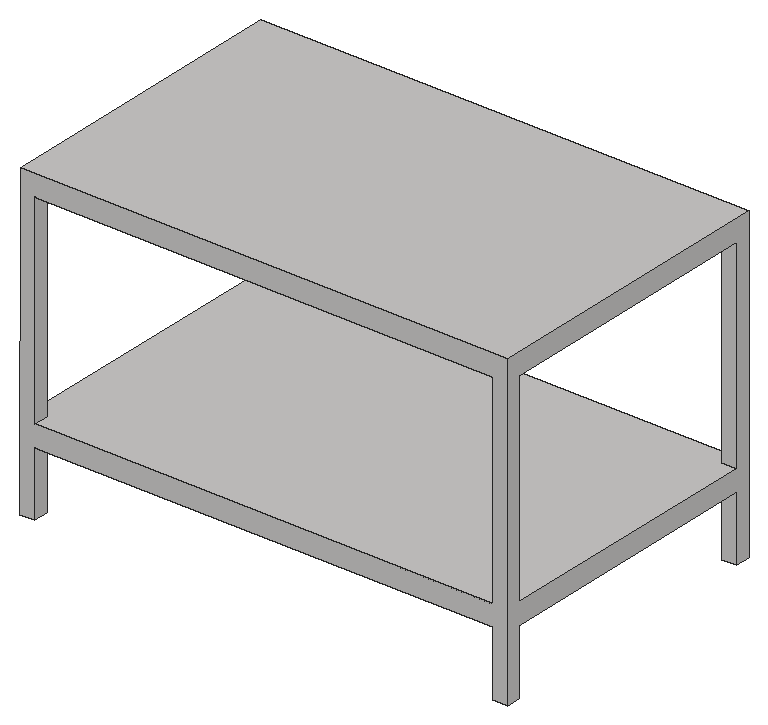
Revit family "QF_CAPIC_AVEN_W543012", category Equipement spécialisé, Revit 2018
Family settings
  Cote de connecteur circulaire = Utiliser le diamètre
  Type d'élément = Normal
  Numéro OmniClass = 23.40.40.14
  Titre OmniClass = Food Service Equipment
  Basée sur le plan de construction = Non
  Toujours verticalement = Oui
  Couper avec des vides une fois chargée = Non
  Partagée = Non
  Point de calcul de pièce = Non
Parameters (values of type "1000 mm")
  URL catalogue = "http://www.capic-fr.com/fr/"
  Type de Raccord Plomberie [instance] = ""
  Type de Raccord Electrique [instance] = ""
  Type de Gaz = ""
  Type article [instance] = ""
  Tension = 0 V
  Spécification du Fabricant = ""
  Show Logo = yes
  Remarques evacuation [instance] = ""
  Remarques Plomberie [instance] = ""
  Remarques Electricité [instance] = ""
  Puissance électrique  = 0 W
  Puissance Gaz kW = 0
  Profondeur hors tout = 600 mm
  Pression Maximum Eau Adoucie = 0.0 Pa
  Poids net à vide = 31.00 kg
  Phase = 0
  Modèle = "W543012"
  Longueur hors tout = 1000 mm
  Intensité nominale = 0 A
  Hauteur hors tout = 638 mm
  Hauteur de Raccordement du Sol Finis = 0 mm
  Hauteur de Raccordement Gaz du Sol Finis = 0 mm
  Hauteur de Raccordement Evacuation Directe du Sol Finis = 0 mm
  Hauteur de Raccordement Eau Froide du Sol Finis = 0 mm
  Hauteur de Raccordement Eau Chaude du Sol Finis = 0 mm
  Hauteur de Raccordement Eau Adoucie du Sol Finis = 0 mm
  Fréquence = 0 Hz
  Fabricant = "CAPIC"
  Débit d'air d'extraction = 0.0 m³/h
  Débit Gaz = 0.0 L/s
  Débit Eau Froide = 0.0 L/s
  Débit Eau Chaude = 0.0 L/s
  Débit Eau Adoucie = 0.0 L/s
  Diamètre de Raccordement Gaz = 0 mm
  Diamètre de Raccordement Evacuation = 0 mm
  Diamètre de Raccordement Eau Froide = 0 mm
  Diamètre de Raccordement Eau Chaude = 0 mm
  Diamètre de Raccordement Eau Adoucie = 0 mm
  Description = "Pietement simple"
  Assembly Code = ""
  Classification  Omniclass nombre et titre = "23.40.40.14"
Reference planes
  plane 1 "Centre (avant/arrière)": y = 0
  plane 2: z = 0
  plane 3 "Centre (gauche/droite)": x = 0
  plane 4: y = -45
  plane 5: y = -663
  plane 6: x = 1000
  plane 7: y = -75
  plane 8: y = -633
  plane 9: x = 30
  plane 10: x = 970
  plane 11: z = 638
  plane 12: z = 134
  plane 13: z = 594
Forms (mm)
  Extrusion 1, solid, material "QF_Stainless Steel-Brushed"
    sketch origin (0, 0, 0) x (1, 0, 0) y (0, 1, 0)
      loop
        line (0, -45) -> (0, -75) -> (30, -75) -> (30, -45) -> (0, -45)
      loop
        line (970, -45) -> (970, -75) -> (1000, -75) -> (1000, -45) -> (970, -45)
      loop
        line (970, -633) -> (970, -663) -> (1000, -663) -> (1000, -633) -> (970, -633)
      loop
        line (0, -633) -> (0, -663) -> (30, -663) -> (30, -633) -> (0, -633)
    from 0 to 638
  Extrusion 2, solid, material "QF_Stainless Steel-Brushed"
    sketch origin (0, 0, 0) x (1, 0, 0) y (0, 1, 0)
      loop
        line (0, -45) -> (0, -663) -> (1000, -663) -> (1000, -45) -> (0, -45)
    from 134 to 177
  Extrusion 3, solid, material "QF_Stainless Steel-Brushed"
    sketch origin (0, 0, 0) x (1, 0, 0) y (0, 1, 0)
      loop
        line (0, -45) -> (0, -663) -> (1000, -663) -> (1000, -45) -> (0, -45)
    from 594 to 638
Cuts and joins
  joined: Extrusion 1, Extrusion 2, Extrusion 3
Dimensions and locks
  locked: plane 4 to plane 1 "Centre (avant/arrière)" at 45
  locked: plane 4 to plane 5 at 618
  locked: plane 4 to plane 7 at 30
  locked: plane 8 to plane 5 at 30
  "Longueur hors tout": plane 3 "Centre (gauche/droite)" to plane 6
  locked: plane 3 "Centre (gauche/droite)" to plane 9 at 30
  locked: plane 10 to plane 6 at 30
  locked: plane 11 to level at 638
  aligned and locked: level to plane 2
  aligned and locked: Extrusion 1 sketch curve to plane 4  (x2)
  aligned and locked: plane 3 "Centre (gauche/droite)" to Extrusion 1 sketch curve  (x2)
  aligned and locked: plane 7 to Extrusion 1 sketch curve  (x2)
  aligned and locked: Extrusion 1 sketch curve to plane 9  (x2)
  aligned and locked: plane 10 to Extrusion 1 sketch curve  (x2)
  aligned and locked: Extrusion 1 sketch curve to plane 6  (x2)
  aligned and locked: Extrusion 1 sketch curve to plane 8  (x2)
  aligned and locked: plane 5 to Extrusion 1 sketch curve  (x2)
  aligned and locked: Extrusion 1 to level
  aligned and locked: plane 11 to Extrusion 1
  aligned and locked: Extrusion 2 sketch curve to Extrusion 1  (x4)
  aligned and locked: Extrusion 2 to plane 12
  aligned and locked: Extrusion 3 sketch curve to Extrusion 2  (x2)
  aligned and locked: plane 5 to Extrusion 3 sketch curve
  aligned and locked: Extrusion 3 sketch curve to plane 6
  aligned and locked: plane 11 to Extrusion 3
  aligned and locked: Extrusion 3 to plane 13
